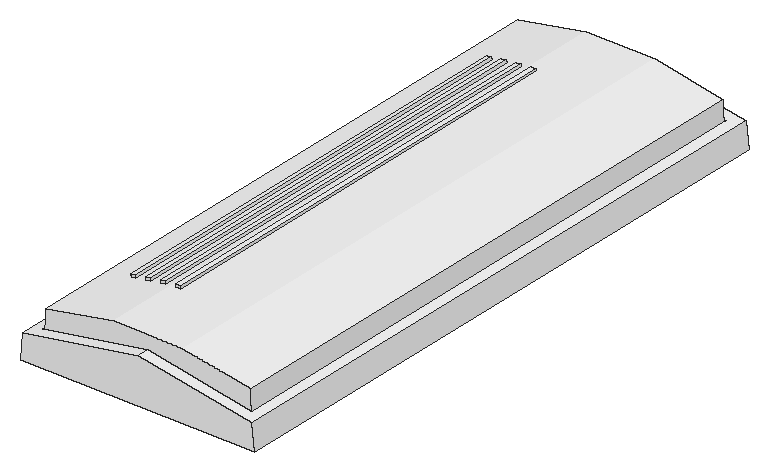
Revit family "JC KONTAKTER JCK211 DE", category Specialty Equipment, host Face, Revit 2025
Family settings
  Host = Face
  Round Connector Dimension = Use Diameter
  Part Type = Normal
  Enable Cutting in Views = Yes
  Cut with Voids When Loaded = No
  Maintain Annotation Orientation = Yes
  Shared = No
  Room Calculation Point = No
Parameters (values of type "JCK211")
  URL = "https://grossflaechentaster.de/produkt/grosflachentaster/grossflachentaster-jck211/"
  Technisches Produktblatt = "https://grossflaechentaster.de/wp-content/uploads/sites/3/Technisches-Produktdatenblatt-_211_DE.pdf"
  Produktgewicht = "0.230 kg."
  Nomineller nennstrom = "12 V - Resistive 6A Inductive L/R 5ms 6A, 24 V - Resistive 6A Inductive L/R 5ms 5A"
  Model = "JCK211"
  Mikroschalter = "Standard NO IP67"
  Manufacturer = "JC kontakter"
  Kern = ABS 750SW (weiss)
  Herstellungsland = "Schweden"
  Geringster nennstrom = "1mA/4 V DC"
  Description = "Dieser Großflächentaster ist aus schlagfestem ABS-Kunststoff hergestellt. Er hat eine konvexe Tastfläche mit Tastlinien, die angeben, wo der Taster gedrückt werden soll. Dieses Modell bietet eine weiße Tastfläche und einen weißen Rahmen. Vor allem für den Einsatz in Innenbereichen konzipiert, kann aber auch im Freien eingesetzt werden, da er mit einem feuchtigkeitsgeschützten Mikroschalter der IP-Klasse 67 ausgerüstet ist."
  Default Elevation = 800 mm
  Deckel = ABS 750SW (schwarz)
  CE-kennzeichnung = "https://jckontakter.se/wp-content/uploads/CE_Dokument.pdf"
  Anzahl der mikroschalter = 1
Reference planes
  plane 1 "Center (Front/Back)": y = 0
  plane 2: z = 0
  plane 3 "Center (Left/Right)": x = 0
  plane 4 "A": y = -122.5
Lines and regions (mm)
  symbolic lines
    curve 1: line (-50, 0, 50) -> (50, 0, 50)
    curve 2: line (-50, 0, 0) -> (-50, 0, 50)
    curve 3: line (50, 0, 0) -> (-50, 0, 0)
    curve 4: line (50, 0, 50) -> (50, 0, 0)
    curve 5: line (-40, 122.5, 0) -> (40, 122.5, 0)
    curve 6: line (-40, -122.5, 0) -> (-40, 122.5, 0)
    curve 7: line (40, -122.5, 0) -> (-40, -122.5, 0)
    curve 8: line (40, 122.5, 0) -> (40, -122.5, 0)
Text (mm)
  text "Entfernen Sie diesen Text vor der Verwendung.\n\nPlatzierungsanweisungen:\n\n1. In das Projekt laden.\n2. Bewegen Sie den Mauszeiger über die Fläche, auf der die Familie platziert werden soll.\n3. Wenn die Familie gedreht angezeigt wird, aktivieren Sie die Option „Nach Platzierung drehen.\n4. Klicken Sie auf die gewünschte Fläche.\n5. Geben Sie den gewünschten Winkel ein.\n6. Drücken Sie die Eingabetaste." at (123.173, 1072.34, 0), in view "Ref. Level"
Dimensions and locks
  aligned and locked: plane 2 to host face
  aligned and locked: level to host face
Nested families
  nested 1: "AK_211" at (0, -122.5, 0) x (1, 0, 0) z (0, 1, 0), type "AK_211"
Definition of nested family "AK_211"
  Parameters (values of type "AK_211")
    URL = "https://jckontakter.se/produkt/armbagskontakter/armbagskontakt-jck211/"
    Model = "JCK211"  # constant formula
    Manufacturer = "JC Kontakter"  # constant formula
    Lid Finish = none
    Default Elevation = 1219.2 mm
    Core Finish = none
    Description = "JCK211 är en tålig armbågskontakt med konvex tryckplatta och taktila rillor som standard. Rillorna underlättar för synsvaga att veta var de ska trycka för att aktivera armbågskontakten.\r\nModellen har vitt lock och vit underdel.\r\nJCK211 levereras med 1st mikrobrytare i IP67, men går även att beställa med fler."  # constant formula
  Reference planes
    plane 1 "Center (Front/Back)": y = 0
    plane 2: z = 0
    plane 3 "Center (Left/Right)": x = 0
    plane 4 "1": x = 47.5
    plane 5 "A": z = 5
    plane 6 "B": z = 245
  Forms (mm)
    Extrusion 1, solid, material <- "Core Finish"
      sketch origin (0, 0, 0) x (1, 0, 0) y (0, 1, 0)
        loop
          line (-47.5, 0) -> (-46.5, -10) -> (0, -18) -> (46.5, -10) -> (47.5, 0) -> (-47.5, 0)
      from 0 to 250
    Extrusion 2, void
      sketch origin (0, 0, 0) x (1, 0, 0) y (0, 1, 0)
        loop
          line (-42.5, -4) -> (-42.5, -18.223) -> (42.5, -18.223) -> (42.5, -4) -> (-42.5, -4)
      from 5 to 245
    Extrusion 3, solid, material <- "Lid Finish"
      sketch origin (0, 0, 5) x (-1, 0, 0) y (0, -1, 0)
        loop
          line (-42, 6) -> (42, 6) -> (41.5, 18.145)
          arc (41.5, 18.145) -> (0, 24) -> (-41.5, 18.145) r 150
          line (-41.5, 18.145) -> (-42, 6)
      from 0.5 to 239.5
    Extrusion 4, solid, material <- "Lid Finish"
      sketch origin (0, 0, 5) x (-1, 0, 0) y (0, -1, 0)
        loop
          line (30.48, 20.761) -> (30.656, 21.746) -> (28.687, 22.097) -> (28.511, 21.112) -> (30.48, 20.761)
        loop
          line (24.5, 21.866) -> (24.634, 22.857) -> (22.652, 23.126) -> (22.518, 22.135) -> (24.5, 21.866)
        loop
          line (18.504, 22.704) -> (18.644, 23.694) -> (16.664, 23.975) -> (16.524, 22.985) -> (18.504, 22.704)
        loop
          line (12.5, 23.393) -> (12.5, 24.393) -> (10.5, 24.393) -> (10.5, 23.393) -> (12.5, 23.393)
      from 30 to 210
  Cuts and joins
    Extrusion 2 cuts Extrusion 1
  Dimensions and locks
    aligned and locked: level to plane 2
